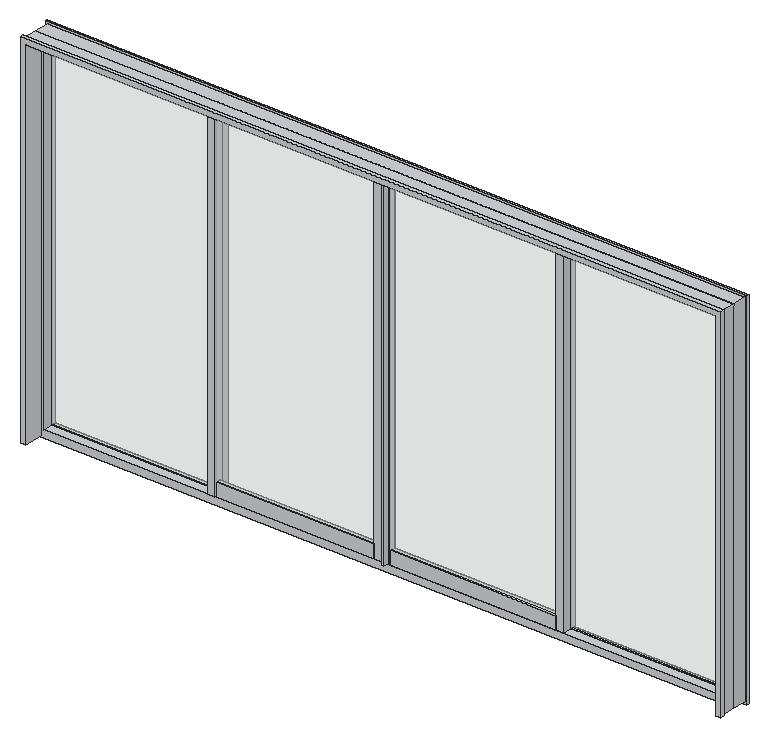
Revit family "APL Residential Thermal Heart Sliding Door FSSF", category Doors, host Wall, Revit 2017 (continued)
Definition of nested family "APL Residential Thermal Heart Sliding Door FSSF Horizontal Section"
  Definition of nested family "Glass"
    Dimensions and locks
      "Glass Lenght": plane 1 "Center (Front/Back)" to plane 4
      aligned and locked: plane 4 to curve 2
      aligned and locked: plane 1 "Center (Front/Back)" to Filled region 1 sketch curve
      aligned and locked: Filled region 1 sketch curve to curve 6
      aligned and locked: Filled region 1 sketch curve to curve 1
      aligned and locked: Filled region 1 sketch curve to curve 5
    Automatic sketch dimensions
      plane 1 "Center (Front/Back)" to curve 2 = 0 mm
      curve 2 to plane 3 "Center (Left/Right)" = 0 mm
      curve 6 to plane 4 = 0 mm
      curve 5 to plane 4 = 0 mm
      curve 4 to plane 4 = 0 mm
      curve 5 to curve 3 = 4 mm
      curve 1 to curve 1 = 16 mm
      plane 1 "Center (Front/Back)" to curve 1 = 12 mm
      plane 3 "Center (Left/Right)" to curve 6 = 4 mm
  Definition of nested family "Jointer Stiles"
    Reference planes
      plane 1 "Center (Front/Back)": y = 0
      plane 2: z = 0
      plane 3 "Center (Left/Right)": x = 0
    Dimensions and locks
      locked: nested 2 to nested 1 at 6
    Nested families
      nested 1: "65540_Keeper Stile" at (22.383, 0, 0), type "65540_Keeper Stile", in view "Ref. Level"
      nested 2: "65530_Lock Stile" at (-9.464, -4.468, 0), type "65530_Lock Stile", in view "Ref. Level"
    Definition of nested family "65540_Keeper Stile"
      Reference planes
        plane 1 "Center (Front/Back)": y = 0
        plane 2: z = 0
        plane 3 "Center (Left/Right)": x = 0
      Lines and regions (mm)
        model lines, in view "Ref. Level"
          curve 1: arc (5.5, -46.899, 0) -> (6.207, -46.606, 0) -> (6.5, -45.899, 0) r 1
          curve 2: arc (6.5, -19.104, 0) -> (6.354, -18.75, 0) -> (6, -18.604, 0) r 0.5
          curve 3: arc (-6, -18.604, 0) -> (-6.354, -18.75, 0) -> (-6.5, -19.104, 0) r 0.5
          curve 4: arc (-6.5, -45.899, 0) -> (-6.207, -46.606, 0) -> (-5.5, -46.899, 0) r 1
          curve 5: arc (5.96, -14.379, 0) -> (5.908, -14.29, 0) -> (5.818, -14.238, 0) r 0.2
          curve 6: arc (5.651, -14.193, 0) -> (5.51, -14.052, 0) -> (5.561, -13.859, 0) r 0.2
          curve 7: arc (5.925, -13.495, 0) -> (6.01, -13.435, 0) -> (6.111, -13.408, 0) r 0.3
          curve 8: arc (8.477, -13.201, 0) -> (8.741, -13.317, 0) -> (8.785, -13.603, 0) r 0.3
          curve 9: arc (8.271, -15.013, 0) -> (8.184, -15.139, 0) -> (8.046, -15.205, 0) r 0.3
          curve 10: arc (8.046, -15.205, 0) -> (7.804, -15.478, 0) -> (8.003, -15.783, 0) r 0.3
          curve 11: arc (8.003, -17.6, 0) -> (8.149, -17.954, 0) -> (8.503, -18.1, 0) r 0.5
          curve 12: arc (20.603, -18.1, 0) -> (20.971, -17.962, 0) -> (21.125, -17.601, 0) r 0.5
          curve 13: arc (21.125, -17.2, 0) -> (20.979, -16.846, 0) -> (20.625, -16.7, 0) r 0.5
          curve 14: arc (19.875, -16.7, 0) -> (19.734, -16.641, 0) -> (19.675, -16.5, 0) r 0.2
          curve 15: arc (19.675, -15.9, 0) -> (19.734, -15.759, 0) -> (19.875, -15.7, 0) r 0.2
          curve 16: arc (22.975, -15.7, 0) -> (23.117, -15.759, 0) -> (23.175, -15.9, 0) r 0.2
          curve 17: arc (23.175, -16.5, 0) -> (23.117, -16.641, 0) -> (22.975, -16.7, 0) r 0.2
          curve 18: arc (22.625, -16.7, 0) -> (22.484, -16.759, 0) -> (22.425, -16.9, 0) r 0.2
          curve 19: arc (22.425, -17.5, 0) -> (22.484, -17.641, 0) -> (22.625, -17.7, 0) r 0.2
          curve 20: arc (22.975, -17.7, 0) -> (23.117, -17.759, 0) -> (23.175, -17.9, 0) r 0.2
          curve 21: arc (23.175, -17.901, 0) -> (23.234, -18.042, 0) -> (23.375, -18.101, 0) r 0.2
          curve 22: arc (24.975, -18.101, 0) -> (25.117, -18.042, 0) -> (25.175, -17.901, 0) r 0.2
          curve 23: arc (25.175, -17.9, 0) -> (25.234, -17.759, 0) -> (25.375, -17.7, 0) r 0.2
          curve 24: arc (25.725, -17.7, 0) -> (25.867, -17.641, 0) -> (25.925, -17.5, 0) r 0.2
          curve 25: arc (25.925, -16.9, 0) -> (25.867, -16.759, 0) -> (25.725, -16.7, 0) r 0.2
          curve 26: arc (25.375, -16.7, 0) -> (25.234, -16.641, 0) -> (25.175, -16.5, 0) r 0.2
          curve 27: arc (25.175, -15.9, 0) -> (25.234, -15.759, 0) -> (25.375, -15.7, 0) r 0.2
          curve 28: arc (26.805, -15.7, 0) -> (26.946, -15.759, 0) -> (27.005, -15.9, 0) r 0.2
          curve 29: arc (27.38, -19.151, 0) -> (27.755, -19.526, 0) -> (27.38, -19.901, 0) r 0.375
          curve 30: arc (8.2, -19.901, 0) -> (8.059, -19.96, 0) -> (8, -20.101, 0) r 0.2
          curve 31: arc (8, -45.899, 0) -> (6.828, -48.728, 0) -> (4, -49.899, 0) r 4
          curve 32: arc (-4, -49.899, 0) -> (-6.828, -48.728, 0) -> (-8, -45.899, 0) r 4
          curve 33: arc (-8, -20.104, 0) -> (-8.059, -19.962, 0) -> (-8.2, -19.904, 0) r 0.2
          curve 34: arc (-18.324, -19.904, 0) -> (-18.677, -19.757, 0) -> (-18.824, -19.404, 0) r 0.5
          curve 35: arc (-18.824, -18.929, 0) -> (-19.208, -17.927, 0) -> (-20.163, -17.438, 0) r 1.5
          curve 36: arc (-26.067, -16.801, 0) -> (-26.195, -16.736, 0) -> (-26.246, -16.602, 0) r 0.2
          curve 37: arc (-26.246, -15.982, 0) -> (-26.187, -15.841, 0) -> (-26.046, -15.782, 0) r 0.2
          curve 38: arc (-20.224, -15.782, 0) -> (-18.423, -16.383, 0) -> (-17.343, -17.944, 0) r 3
          curve 39: arc (-17.343, -17.944, 0) -> (-17.163, -18.204, 0) -> (-16.863, -18.304, 0) r 0.5
          curve 40: arc (-8.5, -18.304, 0) -> (-8.146, -18.157, 0) -> (-8, -17.804, 0) r 0.5
          curve 41: arc (-8, -15.782, 0) -> (-7.801, -15.477, 0) -> (-8.043, -15.205, 0) r 0.3
          curve 42: arc (-8.043, -15.205, 0) -> (-8.181, -15.138, 0) -> (-8.268, -15.013, 0) r 0.3
          curve 43: arc (-8.782, -13.602, 0) -> (-8.738, -13.317, 0) -> (-8.474, -13.2, 0) r 0.3
          curve 44: arc (-6.108, -13.407, 0) -> (-6.008, -13.434, 0) -> (-5.922, -13.494, 0) r 0.3
          curve 45: arc (-5.559, -13.858, 0) -> (-5.507, -14.051, 0) -> (-5.648, -14.192, 0) r 0.2
          curve 46: arc (-5.816, -14.237, 0) -> (-5.905, -14.289, 0) -> (-5.957, -14.379, 0) r 0.2
          curve 47: arc (-6.5, -16.599, 0) -> (-6.307, -16.879, 0) -> (-5.976, -16.799, 0) r 0.3
          curve 48: arc (-5.976, -16.799, 0) -> (-5.875, -16.725, 0) -> (-5.753, -16.699, 0) r 0.3
          curve 49: arc (-1.75, -16.893, 0) -> (-1.578, -16.857, 0) -> (-1.5, -16.699, 0) r 0.2
          curve 50: arc (-1.5, -16.178, 0) -> (-1.511, -16.097, 0) -> (-1.544, -16.022, 0) r 0.3
          curve 51: arc (-2.309, -14.768, 0) -> (-2.479, -14.771, 0) -> (-2.611, -14.665, 0) r 0.25
          curve 52: arc (-2.663, -14.579, 0) -> (-2.668, -14.327, 0) -> (-2.45, -14.199, 0) r 0.25
          curve 53: arc (-0.425, -14.199, 0) -> (-0.328, -14.225, 0) -> (-0.255, -14.295, 0) r 0.2
          curve 54: arc (-0.111, -14.531, 0) -> (0.06, -14.627, 0) -> (0.231, -14.531, 0) r 0.2
          curve 55: arc (0.287, -14.439, 0) -> (0.469, -14.264, 0) -> (0.714, -14.2, 0) r 0.5
          curve 56: arc (2.452, -14.2, 0) -> (2.671, -14.327, 0) -> (2.666, -14.58, 0) r 0.25
          curve 57: arc (2.614, -14.666, 0) -> (2.482, -14.772, 0) -> (2.312, -14.769, 0) r 0.25
          curve 58: arc (1.547, -16.023, 0) -> (1.514, -16.098, 0) -> (1.503, -16.179, 0) r 0.3
          curve 59: arc (1.503, -16.7, 0) -> (1.58, -16.858, 0) -> (1.753, -16.894, 0) r 0.2
          curve 60: line (6.5, -45.899, 0) -> (6.5, -19.104, 0)
          curve 61: line (6, -18.604, 0) -> (-6, -18.604, 0)
          curve 62: line (-6.5, -19.104, 0) -> (-6.5, -45.899, 0)
          curve 63: line (-5.5, -46.899, 0) -> (5.5, -46.899, 0)
          curve 64: line (6.503, -16.446, 0) -> (5.96, -14.379, 0)
          curve 65: line (5.96, -14.379, 0) -> (5.651, -14.193, 0)
          curve 66: line (5.561, -13.859, 0) -> (5.925, -13.495, 0)
          curve 67: line (6.111, -13.408, 0) -> (8.477, -13.201, 0)
          curve 68: line (8.785, -13.603, 0) -> (8.271, -15.013, 0)
          curve 69: line (8.003, -15.783, 0) -> (8.003, -17.6, 0)
          curve 70: line (8.503, -18.1, 0) -> (20.603, -18.1, 0)
          curve 71: line (21.125, -17.601, 0) -> (21.125, -17.2, 0)
          curve 72: line (20.625, -16.7, 0) -> (19.875, -16.7, 0)
          curve 73: line (19.675, -16.5, 0) -> (19.675, -15.9, 0)
          curve 74: line (19.875, -15.7, 0) -> (22.975, -15.7, 0)
          curve 75: line (23.175, -15.9, 0) -> (23.175, -16.5, 0)
          curve 76: line (22.975, -16.7, 0) -> (22.625, -16.7, 0)
          curve 77: line (22.425, -16.9, 0) -> (22.425, -17.5, 0)
          curve 78: line (22.625, -17.7, 0) -> (22.975, -17.7, 0)
          curve 79: line (23.375, -18.101, 0) -> (24.975, -18.101, 0)
          curve 80: line (25.375, -17.7, 0) -> (25.725, -17.7, 0)
          curve 81: line (25.925, -17.5, 0) -> (25.925, -16.9, 0)
          curve 82: line (25.725, -16.7, 0) -> (25.375, -16.7, 0)
          curve 83: line (25.175, -16.5, 0) -> (25.175, -15.9, 0)
          curve 84: line (25.375, -15.7, 0) -> (26.805, -15.7, 0)
          curve 85: line (27.005, -15.9, 0) -> (27.005, -19.151, 0)
          curve 86: line (27.005, -19.151, 0) -> (27.38, -19.151, 0)
          curve 87: line (27.38, -19.901, 0) -> (8.2, -19.901, 0)
          curve 88: line (8, -20.101, 0) -> (8, -45.899, 0)
          curve 89: line (4, -49.899, 0) -> (-4, -49.899, 0)
          curve 90: line (-8, -45.899, 0) -> (-8, -20.104, 0)
          curve 91: line (-8.2, -19.904, 0) -> (-18.324, -19.904, 0)
          curve 92: line (-18.824, -19.404, 0) -> (-18.824, -18.929, 0)
          curve 93: line (-20.163, -17.438, 0) -> (-26.067, -16.801, 0)
          curve 94: line (-26.246, -16.602, 0) -> (-26.246, -15.982, 0)
          curve 95: line (-26.046, -15.782, 0) -> (-20.224, -15.782, 0)
          curve 96: line (-16.863, -18.304, 0) -> (-8.5, -18.304, 0)
          curve 97: line (-8, -17.804, 0) -> (-8, -15.782, 0)
          curve 98: line (-8.268, -15.013, 0) -> (-8.782, -13.602, 0)
          curve 99: line (-8.474, -13.2, 0) -> (-6.108, -13.407, 0)
          curve 100: line (-5.922, -13.494, 0) -> (-5.559, -13.858, 0)
          curve 101: line (-5.648, -14.192, 0) -> (-5.816, -14.237, 0)
          curve 102: line (-5.816, -14.237, 0) -> (-6.49, -16.367, 0)
          curve 103: line (-6.49, -16.367, 0) -> (-6.5, -16.599, 0)
          curve 104: line (-5.753, -16.699, 0) -> (-2.525, -16.699, 0)
          curve 105: line (-2.525, -16.699, 0) -> (-1.75, -16.893, 0)
          curve 106: line (-1.5, -16.699, 0) -> (-1.5, -16.178, 0)
          curve 107: line (-1.5, -16.178, 0) -> (-2.309, -14.768, 0)
          curve 108: line (-2.45, -14.199, 0) -> (-0.425, -14.199, 0)
          curve 109: line (-0.255, -14.295, 0) -> (-0.111, -14.531, 0)
          curve 110: line (0.714, -14.2, 0) -> (2.452, -14.2, 0)
          curve 111: line (2.312, -14.769, 0) -> (1.547, -16.023, 0)
          curve 112: line (1.547, -16.023, 0) -> (1.503, -16.7, 0)
          curve 113: line (1.753, -16.894, 0) -> (2.503, -16.7, 0)
          curve 114: line (2.478, -16.706, 0) -> (5.756, -16.7, 0)
          curve 115: arc (5.756, -16.7, 0) -> (5.878, -16.726, 0) -> (5.979, -16.8, 0) r 0.3
          curve 116: arc (5.979, -16.8, 0) -> (6.31, -16.88, 0) -> (6.503, -16.6, 0) r 0.3
          curve 117: arc (-0.597, 0.001, 0) -> (-0.456, 0.059, 0) -> (-0.397, 0.201, 0) r 0.2
          curve 118: arc (-0.397, 12.7, 0) -> (-0.544, 13.054, 0) -> (-0.897, 13.2, 0) r 0.5
          curve 119: arc (-5.9, 13.2, 0) -> (-6.254, 13.054, 0) -> (-6.4, 12.7, 0) r 0.5
          curve 120: arc (-6.4, 0.203, 0) -> (-6.342, 0.06, 0) -> (-6.2, 0.001, 0) r 0.2
          curve 121: arc (8.003, -0.5, 0) -> (7.856, -0.147, 0) -> (7.503, 0, 0) r 0.502
          curve 122: arc (2.003, 0, 0) -> (1.646, 0.144, 0) -> (1.503, 0.5, 0) r 0.491
          curve 123: arc (1.503, 12.7, 0) -> (1.649, 13.054, 0) -> (2.003, 13.2, 0) r 0.5
          curve 124: arc (6, 13.2, 0) -> (6.966, 13.435, 0) -> (7.715, 14.088, 0) r 2.1
          curve 125: arc (7.715, 14.088, 0) -> (7.894, 14.244, 0) -> (8.124, 14.3, 0) r 0.5
          curve 126: arc (23.631, 14.3, 0) -> (23.789, 14.222, 0) -> (23.824, 14.048, 0) r 0.2
          curve 127: arc (23.423, 12.552, 0) -> (23.457, 12.378, 0) -> (23.616, 12.3, 0) r 0.2
          curve 128: arc (25.8, 12.538, 0) -> (25.918, 12.607, 0) -> (25.965, 12.735, 0) r 0.2
          curve 129: arc (26.807, 14, 0) -> (26.949, 14.059, 0) -> (27.007, 14.2, 0) r 0.201
          curve 130: arc (27.378, 15.35, 0) -> (27.753, 15.725, 0) -> (27.378, 16.1, 0) r 0.375
          curve 131: arc (8.2, 16.1, 0) -> (8.059, 16.159, 0) -> (8, 16.3, 0) r 0.2
          curve 132: arc (8, 42.105, 0) -> (6.828, 44.933, 0) -> (4, 46.105, 0) r 4
          curve 133: arc (-4, 46.105, 0) -> (-6.828, 44.933, 0) -> (-8, 42.105, 0) r 4
          curve 134: arc (-8, 16.3, 0) -> (-8.059, 16.159, 0) -> (-8.2, 16.1, 0) r 0.2
          curve 135: arc (-26.047, 16.1, 0) -> (-26.188, 16.041, 0) -> (-26.247, 15.9, 0) r 0.2
          curve 136: arc (-26.247, 15.699, 0) -> (-25.954, 14.992, 0) -> (-25.247, 14.699, 0) r 1
          curve 137: arc (-20.243, 14.413, 0) -> (-20.065, 14.403, 0) -> (-19.887, 14.4, 0) r 5
          curve 138: arc (-8.5, 14.4, 0) -> (-8.146, 14.254, 0) -> (-8, 13.9, 0) r 0.5
          curve 139: arc (-8, -2.816, 0) -> (-7.801, -3.122, 0) -> (-8.043, -3.394, 0) r 0.3
          curve 140: arc (-8.043, -3.394, 0) -> (-8.181, -3.46, 0) -> (-8.268, -3.586, 0) r 0.3
          curve 141: arc (-8.782, -4.997, 0) -> (-8.738, -5.282, 0) -> (-8.474, -5.398, 0) r 0.3
          curve 142: arc (-6.108, -5.191, 0) -> (-6.008, -5.164, 0) -> (-5.922, -5.104, 0) r 0.3
          curve 143: arc (-5.559, -4.741, 0) -> (-5.507, -4.547, 0) -> (-5.648, -4.406, 0) r 0.2
          curve 144: arc (-5.816, -4.361, 0) -> (-5.905, -4.309, 0) -> (-5.957, -4.22, 0) r 0.2
          curve 145: arc (-6.5, -1.999, 0) -> (-6.307, -1.719, 0) -> (-5.976, -1.799, 0) r 0.3
          curve 146: arc (-5.976, -1.799, 0) -> (-5.875, -1.873, 0) -> (-5.753, -1.899, 0) r 0.3
          curve 147: arc (-1.75, -1.706, 0) -> (-1.578, -1.741, 0) -> (-1.5, -1.899, 0) r 0.2
          curve 148: arc (-1.5, -2.42, 0) -> (-1.511, -2.502, 0) -> (-1.544, -2.577, 0) r 0.3
          curve 149: arc (-2.309, -3.83, 0) -> (-2.479, -3.827, 0) -> (-2.611, -3.934, 0) r 0.25
          curve 150: arc (-2.663, -4.019, 0) -> (-2.668, -4.272, 0) -> (-2.45, -4.399, 0) r 0.25
          curve 151: arc (-0.425, -4.399, 0) -> (-0.328, -4.374, 0) -> (-0.255, -4.303, 0) r 0.2
          curve 152: arc (-0.17, -4.164, 0) -> (0.001, -4.068, 0) -> (0.172, -4.164, 0) r 0.2
          curve 153: arc (0.257, -4.304, 0) -> (0.33, -4.374, 0) -> (0.428, -4.4, 0) r 0.2
          curve 154: arc (2.452, -4.4, 0) -> (2.671, -4.273, 0) -> (2.666, -4.02, 0) r 0.25
          curve 155: arc (2.614, -3.934, 0) -> (2.482, -3.828, 0) -> (2.312, -3.831, 0) r 0.25
          curve 156: arc (1.547, -2.577, 0) -> (1.514, -2.502, 0) -> (1.503, -2.421, 0) r 0.3
          curve 157: arc (1.503, -1.9, 0) -> (1.58, -1.742, 0) -> (1.753, -1.706, 0) r 0.2
          curve 158: arc (5.756, -1.9, 0) -> (5.878, -1.874, 0) -> (5.979, -1.8, 0) r 0.3
          curve 159: arc (5.979, -1.8, 0) -> (6.31, -1.72, 0) -> (6.503, -2, 0) r 0.3
          curve 160: arc (5.96, -4.221, 0) -> (5.908, -4.31, 0) -> (5.818, -4.362, 0) r 0.2
          curve 161: arc (5.651, -4.407, 0) -> (5.51, -4.548, 0) -> (5.561, -4.741, 0) r 0.2
          curve 162: arc (5.925, -5.105, 0) -> (6.01, -5.165, 0) -> (6.111, -5.192, 0) r 0.3
          curve 163: arc (8.477, -5.399, 0) -> (8.741, -5.283, 0) -> (8.785, -4.997, 0) r 0.3
          curve 164: arc (8.271, -3.587, 0) -> (8.184, -3.461, 0) -> (8.046, -3.395, 0) r 0.3
          curve 165: arc (8.046, -3.395, 0) -> (7.804, -3.122, 0) -> (8.003, -2.817, 0) r 0.3
          curve 166: arc (-6.5, 15.3, 0) -> (-6.354, 14.946, 0) -> (-6, 14.8, 0) r 0.5
          curve 167: arc (6, 14.8, 0) -> (6.354, 14.946, 0) -> (6.5, 15.3, 0) r 0.5
          curve 168: arc (6.5, 42.105, 0) -> (6.207, 42.812, 0) -> (5.5, 43.105, 0) r 1
          curve 169: arc (-5.5, 43.105, 0) -> (-6.207, 42.812, 0) -> (-6.5, 42.105, 0) r 1
          curve 170: line (-6.2, 0.001, 0) -> (-0.597, 0.001, 0)
          curve 171: line (-0.397, 0.201, 0) -> (-0.397, 12.7, 0)
          curve 172: line (-0.897, 13.2, 0) -> (-5.9, 13.2, 0)
          curve 173: line (-6.4, 12.7, 0) -> (-6.4, 0.203, 0)
          curve 174: line (8.003, -2.817, 0) -> (8.003, -0.5, 0)
          curve 175: line (7.503, 0, 0) -> (2.003, 0, 0)
          curve 176: line (1.503, 0.5, 0) -> (1.503, 12.7, 0)
          curve 177: line (2.003, 13.2, 0) -> (6, 13.2, 0)
          curve 178: line (8.124, 14.3, 0) -> (23.631, 14.3, 0)
          curve 179: line (23.824, 14.048, 0) -> (23.423, 12.552, 0)
          curve 180: line (23.616, 12.3, 0) -> (24.447, 12.3, 0)
          curve 181: line (24.447, 12.3, 0) -> (25.8, 12.538, 0)
          curve 182: line (25.965, 12.735, 0) -> (25.965, 14, 0)
          curve 183: line (25.965, 14, 0) -> (26.807, 14, 0)
          curve 184: line (27.007, 14.2, 0) -> (27.007, 15.35, 0)
          curve 185: line (27.007, 15.35, 0) -> (27.378, 15.35, 0)
          curve 186: line (27.378, 16.1, 0) -> (8.2, 16.1, 0)
          curve 187: line (8, 16.3, 0) -> (8, 42.105, 0)
          curve 188: line (4, 46.105, 0) -> (-4, 46.105, 0)
          curve 189: line (-8, 42.105, 0) -> (-8, 16.3, 0)
          curve 190: line (-8.2, 16.1, 0) -> (-26.047, 16.1, 0)
          curve 191: line (-26.247, 15.9, 0) -> (-26.247, 15.699, 0)
          curve 192: line (-25.247, 14.699, 0) -> (-24.247, 14.699, 0)
          curve 193: line (-24.247, 14.699, 0) -> (-20.243, 14.413, 0)
          curve 194: line (-19.887, 14.4, 0) -> (-8.5, 14.4, 0)
          curve 195: line (-8, 13.9, 0) -> (-8, 3.801, 0)
          curve 196: line (-8, 3.801, 0) -> (-7.6, 3.401, 0)
          curve 197: line (-7.6, 3.401, 0) -> (-8, 3.001, 0)
          curve 198: line (-8, 3.001, 0) -> (-8, -2.816, 0)
          curve 199: line (-8.268, -3.586, 0) -> (-8.782, -4.997, 0)
          curve 200: line (-8.474, -5.398, 0) -> (-6.108, -5.191, 0)
          curve 201: line (-5.922, -5.104, 0) -> (-5.559, -4.741, 0)
          curve 202: line (-5.648, -4.406, 0) -> (-5.816, -4.361, 0)
          curve 203: line (-5.816, -4.361, 0) -> (-6.49, -2.231, 0)
          curve 204: line (-6.49, -2.231, 0) -> (-6.5, -1.999, 0)
          curve 205: line (-5.753, -1.899, 0) -> (-2.525, -1.899, 0)
          curve 206: line (-2.525, -1.899, 0) -> (-1.75, -1.706, 0)
          curve 207: line (-1.5, -1.899, 0) -> (-1.5, -2.42, 0)
          curve 208: line (-1.5, -2.42, 0) -> (-2.309, -3.83, 0)
          curve 209: line (-2.45, -4.399, 0) -> (-0.425, -4.399, 0)
          curve 210: line (-0.255, -4.303, 0) -> (-0.17, -4.164, 0)
          curve 211: line (0.172, -4.164, 0) -> (0.257, -4.304, 0)
          curve 212: line (0.428, -4.4, 0) -> (2.452, -4.4, 0)
          curve 213: line (2.312, -3.831, 0) -> (1.547, -2.577, 0)
          curve 214: line (1.547, -2.577, 0) -> (1.503, -1.9, 0)
          curve 215: line (1.753, -1.706, 0) -> (2.478, -1.894, 0)
          curve 216: line (2.478, -1.894, 0) -> (5.756, -1.9, 0)
          curve 217: line (6.503, -2.154, 0) -> (5.96, -4.221, 0)
          curve 218: line (5.96, -4.221, 0) -> (5.651, -4.407, 0)
          curve 219: line (5.561, -4.741, 0) -> (5.925, -5.105, 0)
          curve 220: line (6.111, -5.192, 0) -> (8.477, -5.399, 0)
          curve 221: line (8.785, -4.997, 0) -> (8.271, -3.587, 0)
          curve 222: line (-6.5, 42.105, 0) -> (-6.5, 34.899, 0)
          curve 223: line (-6.5, 34.899, 0) -> (-5.5, 33.899, 0)
          curve 224: line (-5.5, 33.899, 0) -> (-5.5, 27.899, 0)
          curve 225: line (-5.5, 27.899, 0) -> (-6.5, 26.899, 0)
          curve 226: line (-6.5, 26.899, 0) -> (-6.5, 15.3, 0)
          curve 227: line (-6, 14.8, 0) -> (6, 14.8, 0)
          curve 228: line (6.5, 15.3, 0) -> (6.5, 42.105, 0)
          curve 229: line (5.5, 43.105, 0) -> (-5.5, 43.105, 0)
          curve 230: arc (2.403, -16.7, 0) -> (2.12, -16.583, 0) -> (2.003, -16.3, 0) r 0.4
          curve 231: arc (2.003, -16.007, 0) -> (2.016, -15.904, 0) -> (2.057, -15.807, 0) r 0.4
          curve 232: arc (2.941, -14.279, 0) -> (3.062, -13.989, 0) -> (3.103, -13.678, 0) r 1.2
          curve 233: arc (3.103, -12.755, 0) -> (3.284, -12.182, 0) -> (3.761, -11.816, 0) r 1
          curve 234: arc (5.94, -11.023, 0) -> (6.13, -10.876, 0) -> (6.203, -10.647, 0) r 0.4
          curve 235: arc (6.203, -7.953, 0) -> (6.13, -7.724, 0) -> (5.94, -7.577, 0) r 0.4
          curve 236: arc (3.761, -6.784, 0) -> (3.284, -6.418, 0) -> (3.103, -5.845, 0) r 1
          curve 237: arc (3.103, -4.922, 0) -> (3.062, -4.611, 0) -> (2.941, -4.321, 0) r 1.2
          curve 238: arc (2.057, -2.793, 0) -> (2.016, -2.696, 0) -> (2.003, -2.593, 0) r 0.4
          curve 239: arc (2.003, -2.3, 0) -> (2.12, -2.017, 0) -> (2.403, -1.9, 0) r 0.4
          curve 240: arc (5.803, -1.9, 0) -> (6.086, -2.017, 0) -> (6.203, -2.3, 0) r 0.4
          curve 241: arc (6.203, -2.593, 0) -> (6.189, -2.696, 0) -> (6.149, -2.793, 0) r 0.4
          curve 242: arc (5.264, -4.321, 0) -> (5.143, -4.615, 0) -> (5.103, -4.93, 0) r 1.2
          curve 243: arc (5.103, -4.93, 0) -> (5.156, -5.105, 0) -> (5.3, -5.216, 0) r 0.3
          curve 244: arc (7.74, -6.104, 0) -> (7.93, -6.251, 0) -> (8.003, -6.48, 0) r 0.4
          curve 245: arc (8.003, -12.12, 0) -> (7.93, -12.349, 0) -> (7.74, -12.496, 0) r 0.4
          curve 246: arc (5.3, -13.384, 0) -> (5.156, -13.495, 0) -> (5.103, -13.67, 0) r 0.3
          curve 247: arc (5.103, -13.67, 0) -> (5.143, -13.985, 0) -> (5.264, -14.279, 0) r 1.2
          curve 248: arc (6.149, -15.807, 0) -> (6.189, -15.904, 0) -> (6.203, -16.007, 0) r 0.4
          curve 249: arc (6.203, -16.3, 0) -> (6.086, -16.583, 0) -> (5.803, -16.7, 0) r 0.4
          curve 250: line (2.003, -16.3, 0) -> (2.003, -16.007, 0)
          curve 251: line (2.057, -15.807, 0) -> (2.941, -14.279, 0)
          curve 252: line (3.103, -13.678, 0) -> (3.103, -12.755, 0)
          curve 253: line (3.761, -11.816, 0) -> (5.94, -11.023, 0)
          curve 254: line (6.203, -10.647, 0) -> (6.203, -7.953, 0)
          curve 255: line (5.94, -7.577, 0) -> (3.761, -6.784, 0)
          curve 256: line (3.103, -5.845, 0) -> (3.103, -4.922, 0)
          curve 257: line (2.941, -4.321, 0) -> (2.057, -2.793, 0)
          curve 258: line (2.003, -2.593, 0) -> (2.003, -2.3, 0)
          curve 259: line (2.403, -1.9, 0) -> (5.803, -1.9, 0)
          curve 260: line (6.203, -2.3, 0) -> (6.203, -2.593, 0)
          curve 261: line (6.149, -2.793, 0) -> (5.264, -4.321, 0)
          curve 262: line (5.3, -5.216, 0) -> (7.74, -6.104, 0)
          curve 263: line (8.003, -6.48, 0) -> (8.003, -12.12, 0)
          curve 264: line (7.74, -12.496, 0) -> (5.3, -13.384, 0)
          curve 265: line (5.264, -14.279, 0) -> (6.149, -15.807, 0)
          curve 266: line (6.203, -16.007, 0) -> (6.203, -16.3, 0)
          curve 267: line (5.803, -16.7, 0) -> (2.403, -16.7, 0)
          curve 268: arc (-2.4, -16.699, 0) -> (-2.117, -16.582, 0) -> (-2, -16.299, 0) r 0.4
          curve 269: arc (-2, -16.007, 0) -> (-2.014, -15.903, 0) -> (-2.054, -15.806, 0) r 0.4
          curve 270: arc (-2.939, -14.278, 0) -> (-3.059, -13.988, 0) -> (-3.1, -13.677, 0) r 1.2
          curve 271: arc (-3.1, -12.754, 0) -> (-3.281, -12.181, 0) -> (-3.758, -11.815, 0) r 1
          curve 272: arc (-5.937, -11.022, 0) -> (-6.128, -10.875, 0) -> (-6.2, -10.646, 0) r 0.4
          curve 273: arc (-6.2, -7.952, 0) -> (-6.128, -7.723, 0) -> (-5.937, -7.577, 0) r 0.4
          curve 274: arc (-3.758, -6.784, 0) -> (-3.281, -6.417, 0) -> (-3.1, -5.844, 0) r 1
          curve 275: arc (-3.1, -4.921, 0) -> (-3.059, -4.61, 0) -> (-2.939, -4.32, 0) r 1.2
          curve 276: arc (-2.054, -2.792, 0) -> (-2.014, -2.695, 0) -> (-2, -2.592, 0) r 0.4
          curve 277: arc (-2, -2.299, 0) -> (-2.117, -2.016, 0) -> (-2.4, -1.899, 0) r 0.4
          curve 278: arc (-5.8, -1.899, 0) -> (-6.083, -2.016, 0) -> (-6.2, -2.299, 0) r 0.4
          curve 279: arc (-6.2, -2.592, 0) -> (-6.186, -2.695, 0) -> (-6.146, -2.792, 0) r 0.4
          curve 280: arc (-5.261, -4.32, 0) -> (-5.14, -4.614, 0) -> (-5.1, -4.93, 0) r 1.2
          curve 281: arc (-5.1, -4.93, 0) -> (-5.153, -5.104, 0) -> (-5.297, -5.216, 0) r 0.3
          curve 282: arc (-7.737, -6.103, 0) -> (-7.928, -6.25, 0) -> (-8, -6.479, 0) r 0.4
          curve 283: arc (-8, -12.119, 0) -> (-7.928, -12.349, 0) -> (-7.737, -12.495, 0) r 0.4
          curve 284: arc (-5.297, -13.383, 0) -> (-5.153, -13.494, 0) -> (-5.1, -13.669, 0) r 0.3
          curve 285: arc (-5.1, -13.669, 0) -> (-5.14, -13.984, 0) -> (-5.261, -14.278, 0) r 1.2
          curve 286: arc (-6.146, -15.806, 0) -> (-6.186, -15.903, 0) -> (-6.2, -16.007, 0) r 0.4
          curve 287: arc (-6.2, -16.299, 0) -> (-6.083, -16.582, 0) -> (-5.8, -16.699, 0) r 0.4
          curve 288: line (-2, -16.299, 0) -> (-2, -16.007, 0)
          curve 289: line (-2.054, -15.806, 0) -> (-2.939, -14.278, 0)
          curve 290: line (-3.1, -13.677, 0) -> (-3.1, -12.754, 0)
          curve 291: line (-3.758, -11.815, 0) -> (-5.937, -11.022, 0)
          curve 292: line (-6.2, -10.646, 0) -> (-6.2, -7.952, 0)
          curve 293: line (-5.937, -7.577, 0) -> (-3.758, -6.784, 0)
          curve 294: line (-3.1, -5.844, 0) -> (-3.1, -4.921, 0)
          curve 295: line (-2.939, -4.32, 0) -> (-2.054, -2.792, 0)
          curve 296: line (-2, -2.592, 0) -> (-2, -2.299, 0)
          curve 297: line (-2.4, -1.899, 0) -> (-5.8, -1.899, 0)
          curve 298: line (-6.2, -2.299, 0) -> (-6.2, -2.592, 0)
          curve 299: line (-6.146, -2.792, 0) -> (-5.261, -4.32, 0)
          curve 300: line (-5.297, -5.216, 0) -> (-7.737, -6.103, 0)
          curve 301: line (-8, -6.479, 0) -> (-8, -12.119, 0)
          curve 302: line (-7.737, -12.495, 0) -> (-5.297, -13.383, 0)
          curve 303: line (-5.261, -14.278, 0) -> (-6.146, -15.806, 0)
          curve 304: line (-6.2, -16.007, 0) -> (-6.2, -16.299, 0)
          curve 305: line (-5.8, -16.699, 0) -> (-2.4, -16.699, 0)
      Text (mm)
        text "65540" at (35.06, 37.609, 0), in view "Ref. Level"
    Definition of nested family "65530_Lock Stile"
      Reference planes
        plane 1 "Center (Front/Back)": y = 0
        plane 2: z = 0
        plane 3 "Center (Left/Right)": x = 0
      Lines and regions (mm)
        model lines, in view "Ref. Level"
          curve 1: arc (-6.459, -13.382, 0) -> (-6.382, -13.54, 0) -> (-6.209, -13.576, 0) r 0.2
          curve 2: arc (-2.207, -13.382, 0) -> (-2.084, -13.408, 0) -> (-1.983, -13.482, 0) r 0.3
          curve 3: arc (-1.983, -13.482, 0) -> (-1.652, -13.562, 0) -> (-1.459, -13.282, 0) r 0.3
          curve 4: arc (-2.002, -11.062, 0) -> (-2.054, -10.972, 0) -> (-2.144, -10.92, 0) r 0.2
          curve 5: arc (-2.311, -10.875, 0) -> (-2.453, -10.734, 0) -> (-2.401, -10.541, 0) r 0.2
          curve 6: arc (-2.037, -10.177, 0) -> (-1.952, -10.117, 0) -> (-1.851, -10.09, 0) r 0.3
          curve 7: arc (0.514, -9.883, 0) -> (0.779, -9.999, 0) -> (0.823, -10.285, 0) r 0.3
          curve 8: arc (0.309, -11.696, 0) -> (0.222, -11.821, 0) -> (0.084, -11.888, 0) r 0.3
          curve 9: arc (0.084, -11.888, 0) -> (-0.159, -12.16, 0) -> (0.041, -12.465, 0) r 0.3
          curve 10: arc (0.041, -13.235, 0) -> (0.187, -13.589, 0) -> (0.541, -13.735, 0) r 0.5
          curve 11: arc (3.102, -13.735, 0) -> (3.281, -13.739, 0) -> (3.459, -13.748, 0) r 5
          curve 12: arc (8.963, -14.035, 0) -> (9.316, -14.181, 0) -> (9.463, -14.535, 0) r 0.5
          curve 13: arc (9.463, -14.936, 0) -> (9.316, -15.289, 0) -> (8.963, -15.436, 0) r 0.5
          curve 14: arc (-53.587, -15.433, 0) -> (-53.962, -15.058, 0) -> (-53.587, -14.683, 0) r 0.375
          curve 15: arc (-53.212, -11.432, 0) -> (-53.153, -11.291, 0) -> (-53.012, -11.232, 0) r 0.2
          curve 16: arc (-51.582, -11.232, 0) -> (-51.44, -11.291, 0) -> (-51.382, -11.432, 0) r 0.2
          curve 17: arc (-51.382, -12.032, 0) -> (-51.44, -12.173, 0) -> (-51.582, -12.232, 0) r 0.2
          curve 18: arc (-51.932, -12.232, 0) -> (-52.073, -12.291, 0) -> (-52.132, -12.432, 0) r 0.2
          curve 19: arc (-52.132, -13.032, 0) -> (-52.073, -13.173, 0) -> (-51.932, -13.232, 0) r 0.2
          curve 20: arc (-51.582, -13.232, 0) -> (-51.44, -13.291, 0) -> (-51.382, -13.432, 0) r 0.2
          curve 21: arc (-51.382, -13.433, 0) -> (-51.323, -13.574, 0) -> (-51.182, -13.633, 0) r 0.2
          curve 22: arc (-49.582, -13.633, 0) -> (-49.44, -13.574, 0) -> (-49.382, -13.433, 0) r 0.2
          curve 23: arc (-49.382, -13.432, 0) -> (-49.323, -13.291, 0) -> (-49.182, -13.232, 0) r 0.2
          curve 24: arc (-48.832, -13.232, 0) -> (-48.69, -13.173, 0) -> (-48.632, -13.032, 0) r 0.2
          curve 25: arc (-48.632, -12.432, 0) -> (-48.69, -12.291, 0) -> (-48.832, -12.232, 0) r 0.2
          curve 26: arc (-49.182, -12.232, 0) -> (-49.323, -12.173, 0) -> (-49.382, -12.032, 0) r 0.2
          curve 27: arc (-49.382, -11.432, 0) -> (-49.323, -11.291, 0) -> (-49.182, -11.232, 0) r 0.2
          curve 28: arc (-46.082, -11.232, 0) -> (-45.94, -11.291, 0) -> (-45.882, -11.432, 0) r 0.2
          curve 29: arc (-45.882, -12.032, 0) -> (-45.94, -12.173, 0) -> (-46.082, -12.232, 0) r 0.2
          curve 30: arc (-46.832, -12.232, 0) -> (-47.185, -12.379, 0) -> (-47.332, -12.732, 0) r 0.5
          curve 31: arc (-47.332, -13.133, 0) -> (-47.185, -13.486, 0) -> (-46.832, -13.633, 0) r 0.5
          curve 32: arc (-34.709, -13.632, 0) -> (-34.356, -13.486, 0) -> (-34.209, -13.132, 0) r 0.5
          curve 33: arc (-34.209, -11.315, 0) -> (-34.01, -11.01, 0) -> (-34.253, -10.737, 0) r 0.3
          curve 34: arc (-34.253, -10.737, 0) -> (-34.391, -10.671, 0) -> (-34.478, -10.546, 0) r 0.3
          curve 35: arc (-34.991, -9.135, 0) -> (-34.947, -8.849, 0) -> (-34.683, -8.733, 0) r 0.3
          curve 36: arc (-32.318, -8.94, 0) -> (-32.217, -8.967, 0) -> (-32.132, -9.027, 0) r 0.3
          curve 37: arc (-31.768, -9.391, 0) -> (-31.716, -9.584, 0) -> (-31.858, -9.725, 0) r 0.2
          curve 38: arc (-32.025, -9.77, 0) -> (-32.115, -9.822, 0) -> (-32.166, -9.911, 0) r 0.2
          curve 39: arc (-32.709, -12.132, 0) -> (-32.516, -12.412, 0) -> (-32.186, -12.332, 0) r 0.3
          curve 40: arc (-32.186, -12.332, 0) -> (-32.085, -12.258, 0) -> (-31.962, -12.232, 0) r 0.3
          curve 41: arc (-27.959, -12.426, 0) -> (-27.787, -12.39, 0) -> (-27.709, -12.232, 0) r 0.2
          curve 42: arc (-27.709, -11.711, 0) -> (-27.721, -11.63, 0) -> (-27.753, -11.555, 0) r 0.3
          curve 43: arc (-28.518, -10.301, 0) -> (-28.688, -10.304, 0) -> (-28.821, -10.198, 0) r 0.25
          curve 44: arc (-28.873, -10.112, 0) -> (-28.877, -9.86, 0) -> (-28.659, -9.732, 0) r 0.25
          curve 45: arc (-26.92, -9.732, 0) -> (-26.676, -9.796, 0) -> (-26.494, -9.972, 0) r 0.5
          curve 46: arc (-25.883, -10.973, 0) -> (-25.828, -11.098, 0) -> (-25.809, -11.233, 0) r 0.5
          curve 47: arc (-25.809, -13.029, 0) -> (-25.664, -13.384, 0) -> (-25.309, -13.532, 0) r 0.5
          curve 48: arc (-8.559, -13.531, 0) -> (-8.418, -13.473, 0) -> (-8.359, -13.331, 0) r 0.2
          curve 49: arc (-8.359, -11.084, 0) -> (-8.301, -10.941, 0) -> (-8.159, -10.882, 0) r 0.2
          curve 50: arc (-5.51, -10.882, 0) -> (-5.292, -11.01, 0) -> (-5.296, -11.262, 0) r 0.25
          curve 51: arc (-5.348, -11.348, 0) -> (-5.481, -11.454, 0) -> (-5.65, -11.451, 0) r 0.25
          curve 52: arc (-6.415, -12.705, 0) -> (-6.448, -12.78, 0) -> (-6.459, -12.861, 0) r 0.3
          curve 53: line (-6.209, -13.576, 0) -> (-5.459, -13.382, 0)
          curve 54: line (-5.484, -13.388, 0) -> (-2.207, -13.382, 0)
          curve 55: line (-1.459, -13.128, 0) -> (-2.002, -11.062, 0)
          curve 56: line (-2.002, -11.062, 0) -> (-2.311, -10.875, 0)
          curve 57: line (-2.401, -10.541, 0) -> (-2.037, -10.177, 0)
          curve 58: line (-1.851, -10.09, 0) -> (0.514, -9.883, 0)
          curve 59: line (0.823, -10.285, 0) -> (0.309, -11.696, 0)
          curve 60: line (0.041, -12.465, 0) -> (0.041, -13.235, 0)
          curve 61: line (0.541, -13.735, 0) -> (3.102, -13.735, 0)
          curve 62: line (3.459, -13.748, 0) -> (7.463, -14.035, 0)
          curve 63: line (7.463, -14.035, 0) -> (8.963, -14.035, 0)
          curve 64: line (9.463, -14.535, 0) -> (9.463, -14.936, 0)
          curve 65: line (8.963, -15.436, 0) -> (-53.587, -15.436, 0)
          curve 66: line (-53.587, -14.683, 0) -> (-53.212, -14.683, 0)
          curve 67: line (-53.212, -14.683, 0) -> (-53.212, -11.432, 0)
          curve 68: line (-53.012, -11.232, 0) -> (-51.582, -11.232, 0)
          curve 69: line (-51.382, -11.432, 0) -> (-51.382, -12.032, 0)
          curve 70: line (-51.582, -12.232, 0) -> (-51.932, -12.232, 0)
          curve 71: line (-52.132, -12.432, 0) -> (-52.132, -13.032, 0)
          curve 72: line (-51.932, -13.232, 0) -> (-51.582, -13.232, 0)
          curve 73: line (-51.182, -13.633, 0) -> (-49.582, -13.633, 0)
          curve 74: line (-49.182, -13.232, 0) -> (-48.832, -13.232, 0)
          curve 75: line (-48.632, -13.032, 0) -> (-48.632, -12.432, 0)
          curve 76: line (-48.832, -12.232, 0) -> (-49.182, -12.232, 0)
          curve 77: line (-49.382, -12.032, 0) -> (-49.382, -11.432, 0)
          curve 78: line (-49.182, -11.232, 0) -> (-46.082, -11.232, 0)
          curve 79: line (-45.882, -11.432, 0) -> (-45.882, -12.032, 0)
          curve 80: line (-46.082, -12.232, 0) -> (-46.832, -12.232, 0)
          curve 81: line (-47.332, -12.732, 0) -> (-47.332, -13.133, 0)
          curve 82: line (-46.832, -13.633, 0) -> (-34.709, -13.633, 0)
          curve 83: line (-34.209, -13.132, 0) -> (-34.209, -11.315, 0)
          curve 84: line (-34.478, -10.546, 0) -> (-34.991, -9.135, 0)
          curve 85: line (-34.683, -8.733, 0) -> (-32.318, -8.94, 0)
          curve 86: line (-32.132, -9.027, 0) -> (-31.768, -9.391, 0)
          curve 87: line (-31.858, -9.725, 0) -> (-32.025, -9.77, 0)
          curve 88: line (-32.025, -9.77, 0) -> (-32.699, -11.9, 0)
          curve 89: line (-32.699, -11.9, 0) -> (-32.709, -12.132, 0)
          curve 90: line (-31.962, -12.232, 0) -> (-28.735, -12.232, 0)
          curve 91: line (-28.735, -12.232, 0) -> (-27.959, -12.426, 0)
          curve 92: line (-27.709, -12.232, 0) -> (-27.709, -11.711, 0)
          curve 93: line (-27.709, -11.711, 0) -> (-28.518, -10.301, 0)
          curve 94: line (-28.659, -9.732, 0) -> (-26.92, -9.732, 0)
          curve 95: line (-26.494, -9.972, 0) -> (-25.883, -10.973, 0)
          curve 96: line (-25.809, -11.233, 0) -> (-25.809, -13.029, 0)
          curve 97: line (-25.309, -13.532, 0) -> (-8.559, -13.532, 0)
          curve 98: line (-8.359, -13.331, 0) -> (-8.359, -11.084, 0)
          curve 99: line (-8.159, -10.882, 0) -> (-5.51, -10.882, 0)
          curve 100: line (-5.65, -11.451, 0) -> (-6.415, -12.705, 0)
          curve 101: line (-6.415, -12.705, 0) -> (-6.459, -13.382, 0)
          curve 102: arc (-53.584, 20.568, 0) -> (-53.959, 20.193, 0) -> (-53.584, 19.818, 0) r 0.375
          curve 103: arc (-53.214, 18.668, 0) -> (-53.155, 18.527, 0) -> (-53.014, 18.468, 0) r 0.201
          curve 104: arc (-52.172, 17.203, 0) -> (-52.125, 17.075, 0) -> (-52.007, 17.006, 0) r 0.2
          curve 105: arc (-49.823, 16.768, 0) -> (-49.664, 16.846, 0) -> (-49.629, 17.02, 0) r 0.2
          curve 106: arc (-50.031, 18.516, 0) -> (-49.996, 18.69, 0) -> (-49.837, 18.768, 0) r 0.2
          curve 107: arc (-28.209, 18.768, 0) -> (-27.856, 18.621, 0) -> (-27.709, 18.268, 0) r 0.5
          curve 108: arc (-27.709, 4.968, 0) -> (-27.853, 4.612, 0) -> (-28.209, 4.468, 0) r 0.491
          curve 109: arc (-33.709, 4.468, 0) -> (-34.062, 4.321, 0) -> (-34.209, 3.968, 0) r 0.502
          curve 110: arc (-34.209, 1.651, 0) -> (-34.01, 1.346, 0) -> (-34.253, 1.073, 0) r 0.3
          curve 111: arc (-34.253, 1.073, 0) -> (-34.391, 1.007, 0) -> (-34.478, 0.881, 0) r 0.3
          curve 112: arc (-34.991, -0.529, 0) -> (-34.947, -0.815, 0) -> (-34.683, -0.931, 0) r 0.3
          curve 113: arc (-32.318, -0.724, 0) -> (-32.217, -0.697, 0) -> (-32.132, -0.637, 0) r 0.3
          curve 114: arc (-31.768, -0.273, 0) -> (-31.716, -0.08, 0) -> (-31.858, 0.061, 0) r 0.2
          curve 115: arc (-32.025, 0.106, 0) -> (-32.115, 0.158, 0) -> (-32.166, 0.247, 0) r 0.2
          curve 116: arc (-32.709, 2.468, 0) -> (-32.516, 2.748, 0) -> (-32.186, 2.668, 0) r 0.3
          curve 117: arc (-32.186, 2.668, 0) -> (-32.085, 2.594, 0) -> (-31.962, 2.568, 0) r 0.3
          curve 118: arc (-27.959, 2.762, 0) -> (-27.787, 2.726, 0) -> (-27.709, 2.568, 0) r 0.2
          curve 119: arc (-27.709, 2.047, 0) -> (-27.721, 1.966, 0) -> (-27.753, 1.89, 0) r 0.3
          curve 120: arc (-28.518, 0.637, 0) -> (-28.688, 0.64, 0) -> (-28.821, 0.534, 0) r 0.25
          curve 121: arc (-28.873, 0.448, 0) -> (-28.877, 0.196, 0) -> (-28.659, 0.068, 0) r 0.25
          curve 122: arc (-8.862, 0.068, 0) -> (-8.507, -0.078, 0) -> (-8.359, -0.432, 0) r 0.5
          curve 123: arc (-8.359, -0.881, 0) -> (-8.301, -1.023, 0) -> (-8.159, -1.082, 0) r 0.2
          curve 124: arc (-5.51, -1.082, 0) -> (-5.292, -0.955, 0) -> (-5.296, -0.702, 0) r 0.25
          curve 125: arc (-5.348, -0.616, 0) -> (-5.481, -0.51, 0) -> (-5.65, -0.513, 0) r 0.25
          curve 126: arc (-6.415, 0.74, 0) -> (-6.448, 0.816, 0) -> (-6.459, 0.897, 0) r 0.3
          curve 127: arc (-6.459, 1.418, 0) -> (-6.382, 1.576, 0) -> (-6.209, 1.612, 0) r 0.2
          curve 128: arc (-2.207, 1.418, 0) -> (-2.084, 1.444, 0) -> (-1.983, 1.518, 0) r 0.3
          curve 129: arc (-1.983, 1.518, 0) -> (-1.652, 1.598, 0) -> (-1.459, 1.318, 0) r 0.3
          curve 130: arc (-2.002, -0.903, 0) -> (-2.054, -0.992, 0) -> (-2.144, -1.044, 0) r 0.2
          curve 131: arc (-2.311, -1.089, 0) -> (-2.453, -1.23, 0) -> (-2.401, -1.424, 0) r 0.2
          curve 132: arc (-2.037, -1.787, 0) -> (-1.952, -1.847, 0) -> (-1.851, -1.874, 0) r 0.3
          curve 133: arc (0.514, -2.081, 0) -> (0.779, -1.965, 0) -> (0.823, -1.679, 0) r 0.3
          curve 134: arc (0.309, -0.269, 0) -> (0.222, -0.143, 0) -> (0.084, -0.077, 0) r 0.3
          curve 135: arc (0.084, -0.077, 0) -> (-0.159, 0.195, 0) -> (0.041, 0.501, 0) r 0.3
          curve 136: arc (0.041, 13.489, 0) -> (0.099, 13.631, 0) -> (0.241, 13.689, 0) r 0.2
          curve 137: arc (9.264, 13.689, 0) -> (9.406, 13.748, 0) -> (9.464, 13.889, 0) r 0.2
          curve 138: arc (9.464, 14.489, 0) -> (9.406, 14.631, 0) -> (9.264, 14.689, 0) r 0.2
          curve 139: arc (-5.76, 14.689, 0) -> (-5.902, 14.748, 0) -> (-5.96, 14.889, 0) r 0.2
          curve 140: arc (-5.96, 18.939, 0) -> (-5.902, 19.081, 0) -> (-5.76, 19.139, 0) r 0.2
          curve 141: arc (-2.21, 19.139, 0) -> (-2.033, 19.066, 0) -> (-1.96, 18.889, 0) r 0.25
          curve 142: arc (-1.96, 17.439, 0) -> (-1.806, 17.208, 0) -> (-1.533, 17.262, 0) r 0.25
          curve 143: arc (0.04, 20.368, 0) -> (-0.019, 20.509, 0) -> (-0.16, 20.568, 0) r 0.2
          curve 144: arc (-7.86, 14.889, 0) -> (-7.245, 13.404, 0) -> (-5.76, 12.789, 0) r 2.1
          curve 145: arc (-2.359, 12.789, 0) -> (-2.006, 12.643, 0) -> (-1.859, 12.289, 0) r 0.5
          curve 146: arc (-1.859, 3.818, 0) -> (-2.006, 3.464, 0) -> (-2.36, 3.318, 0) r 0.501
          curve 147: arc (-8.159, 3.318, 0) -> (-8.301, 3.259, 0) -> (-8.359, 3.118, 0) r 0.2
          curve 148: arc (-8.359, 2.468, 0) -> (-8.506, 2.114, 0) -> (-8.859, 1.968, 0) r 0.5
          curve 149: arc (-25.307, 1.968, 0) -> (-25.662, 2.114, 0) -> (-25.809, 2.468, 0) r 0.5
          curve 150: arc (-25.809, 18.168, 0) -> (-25.663, 18.521, 0) -> (-25.309, 18.668, 0) r 0.5
          curve 151: arc (-8.36, 18.659, 0) -> (-8.007, 18.512, 0) -> (-7.86, 18.159, 0) r 0.5
          curve 152: line (-0.912, 20.568, 0) -> (-0.16, 20.568, 0)
          curve 153: line (-0.16, 20.568, 0) -> (-53.584, 20.568, 0)
          curve 154: line (-53.584, 19.818, 0) -> (-53.214, 19.818, 0)
          curve 155: line (-53.214, 19.818, 0) -> (-53.214, 18.668, 0)
          curve 156: line (-53.014, 18.468, 0) -> (-52.172, 18.468, 0)
          curve 157: line (-52.172, 18.468, 0) -> (-52.172, 17.203, 0)
          curve 158: line (-52.007, 17.006, 0) -> (-50.654, 16.768, 0)
          curve 159: line (-50.654, 16.768, 0) -> (-49.823, 16.768, 0)
          curve 160: line (-49.629, 17.02, 0) -> (-50.031, 18.516, 0)
          curve 161: line (-49.837, 18.768, 0) -> (-28.209, 18.768, 0)
          curve 162: line (-27.709, 18.268, 0) -> (-27.709, 4.968, 0)
          curve 163: line (-28.209, 4.468, 0) -> (-33.709, 4.468, 0)
          curve 164: line (-34.209, 3.968, 0) -> (-34.209, 1.651, 0)
          curve 165: line (-34.478, 0.881, 0) -> (-34.991, -0.529, 0)
          curve 166: line (-34.683, -0.931, 0) -> (-32.318, -0.724, 0)
          curve 167: line (-32.132, -0.637, 0) -> (-31.768, -0.273, 0)
          curve 168: line (-31.858, 0.061, 0) -> (-32.025, 0.106, 0)
          curve 169: line (-32.025, 0.106, 0) -> (-32.699, 2.236, 0)
          curve 170: line (-32.699, 2.236, 0) -> (-32.709, 2.468, 0)
          curve 171: line (-31.962, 2.568, 0) -> (-28.735, 2.568, 0)
          curve 172: line (-28.735, 2.568, 0) -> (-27.959, 2.762, 0)
          curve 173: line (-27.709, 2.568, 0) -> (-27.709, 2.047, 0)
          curve 174: line (-27.709, 2.047, 0) -> (-28.518, 0.637, 0)
          curve 175: line (-28.659, 0.068, 0) -> (-8.862, 0.068, 0)
          curve 176: line (-8.359, -0.432, 0) -> (-8.359, -0.881, 0)
          curve 177: line (-8.159, -1.082, 0) -> (-5.51, -1.082, 0)
          curve 178: line (-5.65, -0.513, 0) -> (-6.415, 0.74, 0)
          curve 179: line (-6.415, 0.74, 0) -> (-6.459, 1.418, 0)
          curve 180: line (-6.209, 1.612, 0) -> (-5.459, 1.418, 0)
          curve 181: line (-5.484, 1.424, 0) -> (-2.207, 1.418, 0)
          curve 182: line (-1.459, 1.163, 0) -> (-2.002, -0.903, 0)
          curve 183: line (-2.002, -0.903, 0) -> (-2.311, -1.089, 0)
          curve 184: line (-2.401, -1.424, 0) -> (-2.037, -1.787, 0)
          curve 185: line (-1.851, -1.874, 0) -> (0.514, -2.081, 0)
          curve 186: line (0.823, -1.679, 0) -> (0.309, -0.269, 0)
          curve 187: line (0.041, 0.501, 0) -> (0.041, 7.469, 0)
          curve 188: line (0.041, 7.469, 0) -> (-0.359, 7.869, 0)
          curve 189: line (-0.359, 7.869, 0) -> (0.041, 8.269, 0)
          curve 190: line (0.041, 8.269, 0) -> (0.041, 13.489, 0)
          curve 191: line (0.241, 13.689, 0) -> (9.264, 13.689, 0)
          curve 192: line (9.464, 13.889, 0) -> (9.464, 14.489, 0)
          curve 193: line (9.264, 14.689, 0) -> (-5.76, 14.689, 0)
          curve 194: line (-5.96, 14.889, 0) -> (-5.96, 18.939, 0)
          curve 195: line (-5.76, 19.139, 0) -> (-2.21, 19.139, 0)
          curve 196: line (-1.96, 18.889, 0) -> (-1.96, 17.439, 0)
          curve 197: line (-1.533, 17.262, 0) -> (-0.019, 18.777, 0)
          curve 198: line (-0.019, 18.777, 0) -> (0.04, 20.368, 0)
          curve 199: line (-5.76, 12.789, 0) -> (-2.359, 12.789, 0)
          curve 200: line (-1.859, 12.289, 0) -> (-1.859, 3.818, 0)
          curve 201: line (-2.36, 3.318, 0) -> (-8.159, 3.318, 0)
          curve 202: line (-8.359, 3.118, 0) -> (-8.359, 2.468, 0)
          curve 203: line (-8.859, 1.968, 0) -> (-25.307, 1.968, 0)
          curve 204: line (-25.809, 2.468, 0) -> (-25.809, 18.168, 0)
          curve 205: line (-25.309, 18.668, 0) -> (-8.36, 18.668, 0)
          curve 206: line (-7.86, 18.159, 0) -> (-7.86, 14.889, 0)
          curve 207: arc (-28.609, -12.232, 0) -> (-28.327, -12.115, 0) -> (-28.209, -11.832, 0) r 0.4
          curve 208: arc (-28.209, -11.539, 0) -> (-28.223, -11.436, 0) -> (-28.263, -11.339, 0) r 0.4
          curve 209: arc (-29.148, -9.811, 0) -> (-29.268, -9.521, 0) -> (-29.309, -9.21, 0) r 1.2
          curve 210: arc (-29.309, -8.287, 0) -> (-29.49, -7.714, 0) -> (-29.967, -7.348, 0) r 1
          curve 211: arc (-32.146, -6.555, 0) -> (-32.337, -6.408, 0) -> (-32.409, -6.179, 0) r 0.4
          curve 212: arc (-32.409, -3.485, 0) -> (-32.337, -3.256, 0) -> (-32.146, -3.109, 0) r 0.4
          curve 213: arc (-29.967, -2.316, 0) -> (-29.49, -1.95, 0) -> (-29.309, -1.377, 0) r 1
          curve 214: arc (-29.309, -0.454, 0) -> (-29.268, -0.143, 0) -> (-29.148, 0.147, 0) r 1.2
          curve 215: arc (-28.263, 1.675, 0) -> (-28.223, 1.772, 0) -> (-28.209, 1.875, 0) r 0.4
          curve 216: arc (-28.209, 2.168, 0) -> (-28.327, 2.451, 0) -> (-28.609, 2.568, 0) r 0.4
          curve 217: arc (-32.009, 2.568, 0) -> (-32.292, 2.451, 0) -> (-32.409, 2.168, 0) r 0.4
          curve 218: arc (-32.409, 1.875, 0) -> (-32.396, 1.772, 0) -> (-32.356, 1.675, 0) r 0.4
          curve 219: arc (-31.471, 0.147, 0) -> (-31.349, -0.147, 0) -> (-31.309, -0.462, 0) r 1.2
          curve 220: arc (-31.309, -0.462, 0) -> (-31.362, -0.637, 0) -> (-31.507, -0.748, 0) r 0.3
          curve 221: arc (-33.946, -1.636, 0) -> (-34.137, -1.783, 0) -> (-34.209, -2.012, 0) r 0.4
          curve 222: arc (-34.209, -7.652, 0) -> (-34.137, -7.881, 0) -> (-33.946, -8.028, 0) r 0.4
          curve 223: arc (-31.507, -8.916, 0) -> (-31.362, -9.027, 0) -> (-31.309, -9.202, 0) r 0.3
          curve 224: arc (-31.309, -9.202, 0) -> (-31.349, -9.517, 0) -> (-31.471, -9.811, 0) r 1.2
          curve 225: arc (-32.356, -11.339, 0) -> (-32.396, -11.436, 0) -> (-32.409, -11.539, 0) r 0.4
          curve 226: arc (-32.409, -11.832, 0) -> (-32.292, -12.115, 0) -> (-32.009, -12.232, 0) r 0.4
          curve 227: line (-28.209, -11.832, 0) -> (-28.209, -11.539, 0)
          curve 228: line (-28.263, -11.339, 0) -> (-29.148, -9.811, 0)
          curve 229: line (-29.309, -9.21, 0) -> (-29.309, -8.287, 0)
          curve 230: line (-29.967, -7.348, 0) -> (-32.146, -6.555, 0)
          curve 231: line (-32.409, -6.179, 0) -> (-32.409, -3.485, 0)
          curve 232: line (-32.146, -3.109, 0) -> (-29.967, -2.316, 0)
          curve 233: line (-29.309, -1.377, 0) -> (-29.309, -0.454, 0)
          curve 234: line (-29.148, 0.147, 0) -> (-28.263, 1.675, 0)
          curve 235: line (-28.209, 1.875, 0) -> (-28.209, 2.168, 0)
          curve 236: line (-28.609, 2.568, 0) -> (-32.009, 2.568, 0)
          curve 237: line (-32.409, 2.168, 0) -> (-32.409, 1.875, 0)
          curve 238: line (-32.356, 1.675, 0) -> (-31.471, 0.147, 0)
          curve 239: line (-31.507, -0.748, 0) -> (-33.946, -1.636, 0)
          curve 240: line (-34.209, -2.012, 0) -> (-34.209, -7.652, 0)
          curve 241: line (-33.946, -8.028, 0) -> (-31.507, -8.916, 0)
          curve 242: line (-31.471, -9.811, 0) -> (-32.356, -11.339, 0)
          curve 243: line (-32.409, -11.539, 0) -> (-32.409, -11.832, 0)
          curve 244: line (-32.009, -12.232, 0) -> (-28.609, -12.232, 0)
          curve 245: arc (-5.559, -13.382, 0) -> (-5.842, -13.265, 0) -> (-5.959, -12.982, 0) r 0.4
          curve 246: arc (-5.959, -12.69, 0) -> (-5.946, -12.586, 0) -> (-5.906, -12.489, 0) r 0.4
          curve 247: arc (-5.021, -10.961, 0) -> (-4.9, -10.671, 0) -> (-4.859, -10.36, 0) r 1.2
          curve 248: arc (-4.859, -9.437, 0) -> (-4.679, -8.864, 0) -> (-4.201, -8.498, 0) r 1
          curve 249: arc (-2.023, -7.705, 0) -> (-1.832, -7.558, 0) -> (-1.759, -7.329, 0) r 0.4
          curve 250: arc (-1.759, -4.635, 0) -> (-1.832, -4.406, 0) -> (-2.023, -4.26, 0) r 0.4
          curve 251: arc (-4.201, -3.466, 0) -> (-4.679, -3.1, 0) -> (-4.859, -2.527, 0) r 1
          curve 252: arc (-4.859, -1.604, 0) -> (-4.9, -1.293, 0) -> (-5.021, -1.003, 0) r 1.2
          curve 253: arc (-5.906, 0.525, 0) -> (-5.946, 0.622, 0) -> (-5.959, 0.725, 0) r 0.4
          curve 254: arc (-5.959, 1.018, 0) -> (-5.842, 1.301, 0) -> (-5.559, 1.418, 0) r 0.4
          curve 255: arc (-2.159, 1.418, 0) -> (-1.877, 1.301, 0) -> (-1.759, 1.018, 0) r 0.4
          curve 256: arc (-1.759, 0.725, 0) -> (-1.773, 0.622, 0) -> (-1.813, 0.525, 0) r 0.4
          curve 257: arc (-2.698, -1.003, 0) -> (-2.819, -1.297, 0) -> (-2.859, -1.612, 0) r 1.2
          curve 258: arc (-2.859, -1.612, 0) -> (-2.806, -1.787, 0) -> (-2.662, -1.898, 0) r 0.3
          curve 259: arc (-0.223, -2.786, 0) -> (-0.032, -2.933, 0) -> (0.041, -3.162, 0) r 0.4
          curve 260: arc (0.041, -8.802, 0) -> (-0.032, -9.031, 0) -> (-0.223, -9.178, 0) r 0.4
          curve 261: arc (-2.662, -10.066, 0) -> (-2.806, -10.177, 0) -> (-2.859, -10.352, 0) r 0.3
          curve 262: arc (-2.859, -10.352, 0) -> (-2.819, -10.667, 0) -> (-2.698, -10.961, 0) r 1.2
          curve 263: arc (-1.813, -12.489, 0) -> (-1.773, -12.586, 0) -> (-1.759, -12.69, 0) r 0.4
          curve 264: arc (-1.759, -12.982, 0) -> (-1.877, -13.265, 0) -> (-2.159, -13.382, 0) r 0.4
          curve 265: line (-5.959, -12.982, 0) -> (-5.959, -12.69, 0)
          curve 266: line (-5.906, -12.489, 0) -> (-5.021, -10.961, 0)
          curve 267: line (-4.859, -10.36, 0) -> (-4.859, -9.437, 0)
          curve 268: line (-4.201, -8.498, 0) -> (-2.023, -7.705, 0)
          curve 269: line (-1.759, -7.329, 0) -> (-1.759, -4.635, 0)
          curve 270: line (-2.023, -4.26, 0) -> (-4.201, -3.466, 0)
          curve 271: line (-4.859, -2.527, 0) -> (-4.859, -1.604, 0)
          curve 272: line (-5.021, -1.003, 0) -> (-5.906, 0.525, 0)
          curve 273: line (-5.959, 0.725, 0) -> (-5.959, 1.018, 0)
          curve 274: line (-5.559, 1.418, 0) -> (-2.159, 1.418, 0)
          curve 275: line (-1.759, 1.018, 0) -> (-1.759, 0.725, 0)
          curve 276: line (-1.813, 0.525, 0) -> (-2.698, -1.003, 0)
          curve 277: line (-2.662, -1.898, 0) -> (-0.223, -2.786, 0)
          curve 278: line (0.041, -3.162, 0) -> (0.041, -8.802, 0)
          curve 279: line (-0.223, -9.178, 0) -> (-2.662, -10.066, 0)
          curve 280: line (-2.698, -10.961, 0) -> (-1.813, -12.489, 0)
          curve 281: line (-1.759, -12.69, 0) -> (-1.759, -12.982, 0)
          curve 282: line (-2.159, -13.382, 0) -> (-5.559, -13.382, 0)
      Text (mm)
        text "65530" at (-31.187, 38.877, 0), in view "Ref. Level"
Definition of nested family "APL Residential Thermal Heart Sliding Door FSSF Vertical Section"
  Parameters (values of type "Groove Liner")
    Sill Liner = yes
    Liner End [instance] = 10 mm
    Liner Block = Liner : Liner
    Liner [instance] = 100 mm
    Head Liner = yes
    Groove [instance] = 10 mm
    Glass Length [instance] = Box Height - 217.9 mm  # 282.1 mm
    Box Height [instance] = 500 mm
  Types (2, lengths in mm): name | Liner Block
    Groove Liner | Liner : Liner
    Liner | Liner No Groove : Liner No Groove
  Reference planes
    plane 1 "Center (Front/Back)": x = -337.446
    plane 2: z = 0
    plane 3 "Center (Left/Right)": y = 126.603
    plane 4: y = 376.603
    plane 5: y = -123.397
    plane 6: x = -284.446
    plane 7: x = -284.446
    plane 8: x = -377.596
    plane 9: y = -128.397
  Dimensions and locks
    equal spacing: plane 4, plane 3 "Center (Left/Right)", plane 5
    "Box Height": plane 4 to plane 5
    "Liner": plane 6 to nested 1
    "Liner": plane 7 to nested 2
    locked: nested 5 to nested 1 at 22.396
    locked: nested 2 to nested 6 at 22.397
    locked: nested 3 to nested 5 at 6
    locked: nested 6 to nested 4 at 6
    locked: nested 3 to plane 4 at 92
    locked: plane 5 to nested 4 at 120.801
    locked: plane 9 to nested 6 at 5
    locked: nested 6 to plane 8 at 5
    aligned and locked: plane 7 to nested 2
  Nested families
    nested 1: "Liner" at (-284.446, 355.999, 0), type <- "Liner Block", visible <- "Head Liner", type "Liner", in view "Left", detail levels fine
      with built-in parameter 1001306 0.32808 (stored number, unit not read)
    nested 2: "Liner" at (-284.446, -102.794, 0), type <- "Liner Block", visible <- "Sill Liner", type "Liner", in view "Left", detail levels fine
      with built-in parameter 1001306 0.32808 (stored number, unit not read)
    nested 3: "Glass" at (-317.757, 284.602, 0), Glass Lenght <- "Glass Length", type "Glass", in view "Left", detail levels fine
      with Glass Lenght 282.1 mm
